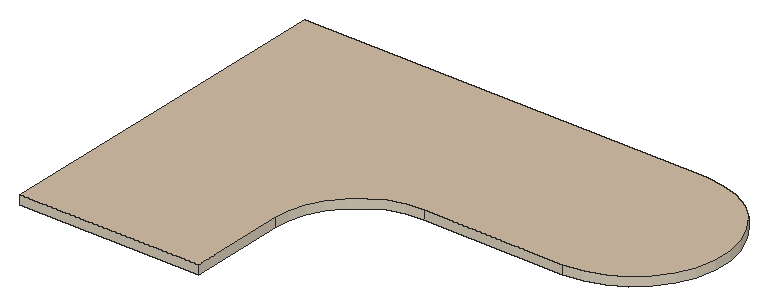
Revit family "M_Sistema de mobiliário-superfície de trabalho-em L com extremidade redonda", category Sistema de mobiliário, Revit 2019
Family settings
  Cota do conector redondo = Utilizar diâmetro
  Tipo de parte = Normal
  Número OmniClass = 23.40.70.14.64.21
  Título OmniClass = Systems Furniture
  Com base no plano de trabalho = Não
  Sempre na vertical = Sim
  Corte com vazios quando carregada = Não
  Compartilhado = Não
  Ponto de cálculo do ambiente = Não
Parameters (values of type "1650 x 1200 x 600mm")
  Material da superfície de trabalho [instance] = Laminado plástico – Carvalho branco
  Comentários de tipos = "Superfície de trabalho em L com extremidade redonda de 1650 x 1200 x 600 mm"
  Espessura = 30 mm
  Largura = 1200 mm
  Model = ""
  Manufacturer = ""
  Comprimento = 1650 mm
  Altura = 750 mm
  Material da aresta [instance] = Laminado plástico – Bege – Claro – Suave
  Description = ""
  Linear = 600 mm
Reference planes
  plane 1 "Centro F/T": y = 0
  plane 2: z = 0
  plane 3 "Centro E/D": x = 0
  plane 4: y = -600
  plane 5 "Direita": x = 1650
  plane 6 "Superior": z = 750
  plane 7 "Inferior": z = 720
  plane 8: x = 1350
  plane 9: x = 1050
  plane 10: y = -300
  plane 11: x = 600
  plane 12 "Parte frontal": y = -1200
  plane 13: y = -879.4
  plane 14: x = 879.4
Forms (mm)
  Extrusion 1, solid, material "Laminado plástico – Carvalho branco" <- "Material da superfície de trabalho"
    sketch origin (0, 0, 0) x (1, 0, 0) y (0, 1, 0)
      loop
        line (0, 0) -> (0, -1200) -> (600, -1200) -> (600, -879.4)
        arc (600, -879.4) -> (681.834, -681.834) -> (879.4, -600) r 279.4
        line (879.4, -600) -> (1350, -600)
        arc (1350, -600) -> (1650, -300) -> (1350, 0) r 300
        line (1350, 0) -> (0, 0)
    from 720 to 750
Lines and regions (mm)
  Masking region 1
    outline origin (0, 0, 0) x (1, 0, 0) y (0, 1, 0)
      loop
        line (0, 0) -> (0, -1200) -> (600, -1200) -> (600, -879.4)
        arc (600, -879.4) -> (681.834, -681.834) -> (879.4, -600) r 279.4
        line (879.4, -600) -> (1350, -600)
        arc (1350, -600) -> (1650, -300) -> (1350, 0) r 300
        line (1350, 0) -> (0, 0)
Dimensions and locks
  "Comprimento": plane 3 "Centro E/D" to plane 5 "Direita"
  "Linear": plane 4 to plane 1 "Centro F/T"
  "Espessura": plane 6 "Superior" to plane 7 "Inferior"
  "Linear": plane 9 to plane 5 "Direita"
  equal spacing: plane 9, plane 8, plane 5 "Direita"
  equal spacing: plane 4, plane 10, plane 1 "Centro F/T"
  "Largura": plane 12 "Parte frontal" to plane 1 "Centro F/T"
  "Linear": plane 3 "Centro E/D" to plane 11
  locked: plane 11 to plane 14 at 279.4
  locked: plane 4 to plane 13 at 279.4
  "Altura": plane 6 "Superior" to plane 2
  radius of Extrusion 1 sketch curve = 279.4 mm
  aligned and locked: plane 1 "Centro F/T" to Extrusion 1 sketch curve
  aligned and locked: plane 4 to Extrusion 1 sketch curve
  aligned and locked: plane 3 "Centro E/D" to Extrusion 1 sketch curve
  aligned and locked: level to plane 2
  aligned and locked: plane 6 "Superior" to Extrusion 1
  aligned and locked: plane 7 "Inferior" to Extrusion 1
  aligned and locked: plane 3 "Centro E/D" to Masking region 1 sketch curve
  aligned and locked: plane 4 to Masking region 1 sketch curve
  aligned and locked: plane 1 "Centro F/T" to Masking region 1 sketch curve
  aligned and locked: plane 8 to Masking region 1 sketch curve  (x3)
  aligned and locked: plane 10 to Masking region 1 sketch curve
  aligned and locked: plane 8 to Extrusion 1 sketch curve  (x2)
  aligned and locked: plane 11 to Extrusion 1 sketch curve
  aligned and locked: Extrusion 1 sketch curve to plane 12 "Parte frontal"
  aligned and locked: Extrusion 1 sketch curve to plane 14
  aligned and locked: plane 13 to Extrusion 1 sketch curve  (x2)
  aligned and locked: plane 14 to Extrusion 1 sketch curve
  aligned and locked: Masking region 1 sketch curve to plane 12 "Parte frontal"
  aligned and locked: plane 11 to Masking region 1 sketch curve
  aligned and locked: plane 13 to Masking region 1 sketch curve
  aligned and locked: Masking region 1 sketch curve to plane 14
  aligned and locked: Masking region 1 sketch curve to Extrusion 1
Types in the file's own list only (5): name | Comentários de tipos | Largura | Comprimento | Linear
  1800 x 1200 x 600mm | "Superfície de trabalho em L com extremidade redonda de 1800 x 1200 x 600 mm" | 1200 mm | 1800 mm | 600 mm
  1950 x 1200 x 600mm | "Superfície de trabalho em L com extremidade redonda de 1950 x 1200 x 600 mm" | 1950 mm | 2000 mm | 600 mm
  1650 x 1200 x 750mm | "Superfície de trabalho em L com extremidade redonda de 1650 x 1200 x 750 mm" | 1200 mm | 1650 mm | 750 mm
  1800 x 1200 x 750mm | "Superfície de trabalho em L com extremidade redonda de 1800 x 1200 x 750 mm" | 1200 mm | 1800 mm | 750 mm
  1950 x 1200 x 750mm | "Superfície de trabalho em L com extremidade redonda de 1950 x 1200 x 750 mm" | 1200 mm | 1950 mm | 750 mm
